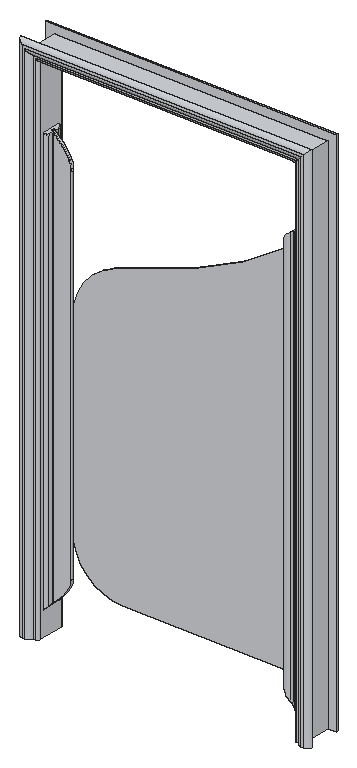
Revit family "Kingsway Shower Doorset_v3.0 (29.07.23)", category Doors, host Wall, Revit 2019
Family settings
  Host = Wall
  OmniClass Number = 23.30.10.00
  OmniClass Title = Doors
  Always vertical = Yes
  Cut with Voids When Loaded = No
  Shared = No
  Room Calculation Point = No
Parameters (values of type "1100 x 2100")
  Wall Thickness [instance] = 125 mm
  Vision Panel = "None."
  Version = "3.0 (29.07.23)"
  URL = "https://www.kingswaygroupglobal.com/products/doorsets/"
  Thickness = 10 mm  # constant formula
  Telephone = "01322 610 470"
  Rough Width = Width  # 1100 mm
  Rough Height = Height  # 2100 mm
  Model = "Shower Doorset"
  Manufacturer = "Kingsway Group"
  Lipping Material = "None."
  Leaf Core Structure = "Rot proof door core for longevity and durability."
  Keynote = "L20"
  KGShowerDoorHinge = yes
  KGFlexibleCloserStrip = yes
  HeightOfSwingHinge = Height - 42 mm - 250 mm  # 1808 mm
  HeightOfCloserStrip = Door Leaf Height  # 1500 mm
  Hardware - Pull Handle_Fascia [instance] = none
  Hardware - Pull Handle [instance] = none
  Hardware - Hinge [instance] = none
  Hardware - Flexible Closer Strip [instance] = none
  Function = Interior
  Height = 2100 mm
  Wall Closure = Neither
  Width = 1100 mm
  Frame Thickness = 35 mm  # constant formula
  Frame Finish [instance] = none
  Fire Rating = "NFR"
  Email Address = "sales@kingswaygroup.co.uk"
  Durability = ""
  Door Leaf Width = Width - (Frame Thickness * 2) - 14 mm - 80 mm - 86 mm - 5 mm  # 845 mm
  Door Leaf Opened 3D [instance] = not(Door Leaf Closed 3D)  # no
  Door Leaf Height = 1500 mm  # constant formula
  Door Leaf Finish [instance] = none
  Door Leaf Closed 3D [instance] = yes
  Door - Leaf Finish Notes = "For full range of available finishes and colours, contact Kingsway Group."
  Description = "The next generation of anti-ligature en-suite doors - high impact moisture proof door leaf with double action full height hinge mechanism and anti-trap rubber fin to the frame closing side."
  Configuration = "Single Leaf"
  Clear Opening Width [instance] = 848.737 mm
  Bead Material = "None."
  Architrave Material = "Hardwood or softwood."
  Architrave Finish [instance] = none
  Analytic Construction = "<None>"
  Address = "Teardrop Centre, London Road, Swanley, Kent BR8 8TS"
  Action = "Double"
Reference planes
  plane 1 "Wall Centreline": y = 0
  plane 2 "Center (Left/Right)": x = 0
  plane 3 "Left": x = -550
  plane 4 "Right": x = 550
  plane 5: z = 2100
  plane 6 "Exterior": y = 62.5
  plane 7 "Interior": y = -62.5
  plane 8: x = -543
  plane 9: x = 543
  plane 10: x = -508
  plane 11: x = 508
  plane 12: z = 2058
  plane 13: z = 200
  plane 14: x = -417.406
  plane 15: z = 1700
  plane 16: y = 35
  plane 17: x = 461.79
Forms (mm)
  Sweep 1, solid, material <- "Frame Finish"
    path origin (0, 0, 0) x (1, 0, 0) y (0, 0, 1)
      loop
        line (-550, 0) -> (-550, 2100) -> (550, 2100) -> (550, 0)
    profile origin (-550, 0, 1050) x (-1, 0, 0) y (0, -1, 0)
      loop
        line (-42.001, 52.5) -> (-42.001, -52.5)
        arc (-42.001, -52.5) -> (-39.072, -59.571) -> (-32.001, -62.5) r 10
        line (-32.001, -62.5) -> (-7, -62.5) -> (-7, 62.5) -> (-32.001, 62.5)
        arc (-32.001, 62.5) -> (-39.072, 59.571) -> (-42.001, 52.5) r 10
  Sweep 2, solid, material <- "Architrave Finish"
    path in 3D
      loop
        line (-550, -62.5, 0) -> (-550, -62.5, 2100) -> (550, -62.5, 2100) -> (550, -62.5, 0)
    profile origin (-550, -62.5, 1050) x (0, -1, 0) y (1, 0, 0)
      loop
        line (0, 21.365) -> (0, -28)
        arc (0, -28) -> (10.811, -20.883) -> (15, -8.635) r 20
        line (15, -8.635) -> (15, 2)
        arc (15, 2) -> (10.811, 14.247) -> (0, 21.365) r 20
  Sweep 3, solid, material <- "Architrave Finish"
    path in 3D
      loop
        line (550, 62.5, 0) -> (550, 62.5, 2100) -> (-550, 62.5, 2100) -> (-550, 62.5, 0)
    profile origin (-550, 62.5, 1050) x (1, 0, 0) y (0, 1, 0)
      loop
        arc (21.365, 0) -> (14.247, 10.811) -> (2, 15) r 20
        line (2, 15) -> (-8.635, 15)
        arc (-8.635, 15) -> (-20.883, 10.811) -> (-28, 0) r 20
        line (-28, 0) -> (21.365, 0)
Lines and regions (mm)
  Opening 1
    outline origin (-3050, -62.5, 0) x (1, 0, 0) y (0, 0, 1)
      loop
        line (2500, 0) -> (3600, 0) -> (3600, 2100) -> (2500, 2100) -> (2500, 0)
  symbolic lines, style "Plan Swing"
    curve 1: line (-430.988, -393.907, 0) -> (427.594, -5, 0)
    curve 16: line (375.483, 999.331, 0) -> (427.594, 5, 0)
    curve 20: arc (-508, -62.5, 0) -> (-481.315, -230.95, 0) -> (-430.988, -393.907, 0) r 1198.38
    curve 22: arc (-508, 62.5, 0) -> (-229.063, 684.449, 0) -> (375.483, 999.331, 0) r 1038.129
  sketch lines
    curve 2: line (-550, -62.5, 0) -> (-550, -62.5, 2100)
    curve 3: line (-550, -62.5, 2100) -> (550, -62.5, 2100)
    curve 4: line (550, -62.5, 2100) -> (550, -62.5, 0)
    curve 5: line (-550, 62.5, 2100) -> (-550, 62.5, 0)
    curve 6: line (550, 62.5, 2100) -> (-550, 62.5, 2100)
    curve 7: line (550, 62.5, 0) -> (550, 62.5, 2100)
  symbolic lines, style "DoorsFrameMullionProjection"
    curve 8: line (-550, -62.5, 0) -> (-508, -62.5, 0)
    curve 9: line (-550, 62.5, 0) -> (-550, -62.5, 0)
    curve 10: line (-508, 62.5, 0) -> (-550, 62.5, 0)
    curve 11: line (-508, -62.5, 0) -> (-508, 62.5, 0)
    curve 12: line (508, -62.5, 0) -> (550, -62.5, 0)
    curve 13: line (508, 62.5, 0) -> (508, -62.5, 0)
    curve 14: line (550, 62.5, 0) -> (508, 62.5, 0)
    curve 15: line (550, -62.5, 0) -> (550, 62.5, 0)
  symbolic lines, style "Doors"
    curve 17: line (-508, -5, 0) -> (427.594, -5, 0)
    curve 18: line (-508, 5, 0) -> (-508, -5, 0)
    curve 19: line (427.594, 5, 0) -> (-508, 5, 0)
    curve 21: line (427.594, -5, 0) -> (427.594, 5, 0)
Text (mm)
  text "Exterior" at (-2295.016, 1099.543, 0), in view "Ref. Level"
  text "Exterior" at (0, 1615.38, 3698.081), in view "Left"
  text "Exterior" at (0, 1036.032, 3874.932), in view "Right"
Dimensions and locks
  equal spacing: plane 3 "Left", plane 2 "Center (Left/Right)", plane 4 "Right"
  "Width": plane 3 "Left" to plane 4 "Right"
  "Height": plane 5 to host wall
  host wall to plane 5 = 2100 mm
  locked: plane 6 "Exterior" to host wall at 0
  locked: plane 7 "Interior" to host wall
  locked: plane 3 "Left" to plane 8 at 7
  locked: plane 9 to plane 4 "Right" at 7
  "Frame Thickness": plane 8 to plane 10
  "Frame Thickness": plane 9 to plane 11
  "Wall Thickness": plane 7 "Interior" to plane 6 "Exterior"
  locked: plane 5 to plane 12 at 42
  locked: plane 13 to level at 200
  locked: plane 14 to plane 3 "Left" at 132.594
  "Door Leaf Height": plane 15 to plane 13
  locked: plane 16 to host wall at 35
  "Clear Opening Width": nested 1 to nested 4
  locked: plane 17 to plane 11 at 46.21
  locked: curve 16 to plane 6 "Exterior" (angle 87.00°)
  locked: plane 7 "Interior" to curve 1 (angle 24.3688°)
  aligned and locked: plane 3 "Left" to Opening 1 sketch curve
  aligned and locked: plane 5 to Opening 1 sketch curve  (x2)
  aligned and locked: Opening 1 sketch curve to plane 4 "Right"
  aligned and locked: Opening 1 sketch curve to level
  aligned and locked: plane 1 "Wall Centreline" to host wall
  aligned and locked: Sweep 1 sketch curve to plane 8
  aligned and locked: profile plane to Sweep 2 sketch curve
  aligned and locked: nested 1 to plane 10
  aligned and locked: host wall to nested 2
  aligned and locked: nested 3 to plane 16
  aligned and locked: curve 17 to nested 2
  aligned and locked: curve 19 to nested 2
  aligned and locked: plane 10 to curve 18
  aligned and locked: nested 2 to plane 13
  aligned and locked: nested 3 to plane 13
  aligned and locked: plane 11 to nested 4
  aligned and locked: plane 1 "Wall Centreline" to nested 4
  aligned and locked: Sweep 1 sketch curve to plane 6 "Exterior"
  aligned and locked: Sweep 1 sketch curve to plane 7 "Interior"
  aligned and locked: nested 3 to plane 17
  aligned and locked: curve 21 to nested 2
  aligned and locked: plane 13 to nested 4
  aligned and locked: plane 13 to nested 1
  aligned and locked: plane 11 to nested 5
  aligned and locked: plane 1 "Wall Centreline" to nested 5
Automatic sketch dimensions
  plane 3 "Left" to Sweep 1 sketch curve = 0 mm
  plane 4 "Right" to Sweep 1 sketch curve = 0 mm
  Sweep 1 sketch curve to level = 0 mm  (x2)
  Sweep 1 sketch curve to plane 5 = 0 mm
  profile plane to Sweep 2 sketch curve = 2 mm
  profile plane to Sweep 2 sketch curve = 5 mm  (x2)
  Sweep 2 sketch curve to profile plane = 8.635 mm
  Sweep 2 sketch curve to Sweep 2 sketch curve = 19.365 mm
  Sweep 2 sketch curve to Sweep 2 sketch curve = 0 mm  (x4)
  profile plane to Sweep 3 sketch curve = 2 mm
  Sweep 3 sketch curve to profile plane = 8.635 mm
  Sweep 3 sketch curve to Sweep 3 sketch curve = 19.365 mm  (x2)
  profile plane to Sweep 3 sketch curve = 5 mm  (x2)
  Sweep 3 sketch curve to Sweep 3 sketch curve = 0 mm  (x3)
  profile plane to Sweep 3 sketch curve = 0 mm
  Sweep 1 sketch curve to Sweep 1 sketch curve = 25.001 mm  (x2)
  Sweep 1 sketch curve to Sweep 1 sketch curve = 10 mm
  host wall to curve 9 = 0 mm
  curve 9 to plane 3 "Left" = 0 mm
  curve 8 to plane 10 = 0 mm
  curve 13 to host wall = 0 mm
  curve 13 to plane 11 = 0 mm
  curve 14 to plane 4 "Right" = 0 mm
  host wall to curve 12 = 0 mm
  curve 10 to host wall = 0 mm
  curve 1 to plane 14 = 13.582 mm
  plane 16 to curve 20 = 5.3 mm
  plane 9 to curve 22 = 16.805 mm
  curve 22 to host wall = 34.7 mm
Nested families
  nested 1: "KG - Flexible Closer Strip" at (-508, 0, 100), type "KG - Flexible Closer Strip"
  nested 2: "Shower" at (5.094, 0, 0), visible <- "Door Leaf Closed 3D", type "Shower"
    with Height 1500 mm, Door Leaf Thickness 10 mm
  nested 3: "Shower" at (461.79, 457.5, 0) x (0, -1, 0) z (0, 0, 1), visible <- "Door Leaf Opened 3D", type "Shower"
    with Height 1500 mm, Door Leaf Thickness 10 mm
  nested 4: "KG ShowerDoorHinge" at (508, 0, 200), type "KG ShowerDoorHinge"
  nested 5: "KG ShowerDoorHinge2D" at (508, 0, 0), type "KG ShowerDoorHinge2D"
Definition of nested family "KG - Flexible Closer Strip"
  Parameters (values of type "KG - Flexible Closer Strip")
    Stop Finish = none
    Model = "KG"
    Manufacturer = "Kingsway Group"
    Height = 1500 mm
    Finish = none
    Description = "Flexible Closer Strip"
    Assembly Code = ""
  Reference planes
    plane 1 "Center (Front/Back)": y = 0
    plane 2: z = 0
    plane 3 "Center (Left/Right)": x = 0
    plane 4: z = 1700
    plane 5: z = 145
    plane 6: z = 1555
    plane 7: z = 1600
    plane 8: z = 100
  Forms (mm)
    Extrusion 1, solid, material <- "Finish"
      sketch origin (0, 0, 0) x (1, 0, 0) y (0, 1, 0)
        loop
          arc (11, 23.5) -> (8.85, 31.454) -> (2.984, 37.241) r 15.786
          arc (2.984, 37.241) -> (2.509, 37.434) -> (2, 37.5) r 2
          line (2, 37.5) -> (0, 37.5) -> (0, -37.5) -> (2, -37.5)
          arc (2, -37.5) -> (2.509, -37.434) -> (2.984, -37.241) r 2
          arc (2.984, -37.241) -> (8.85, -31.454) -> (11, -23.5) r 15.786
          line (11, -23.5) -> (11, -6)
          arc (11, -6) -> (10.673, -5.293) -> (9.966, -5) r 1
          line (9.966, -5) -> (6, -5) -> (6, 5) -> (9.966, 5)
          arc (9.966, 5) -> (10.673, 5.293) -> (10.966, 6) r 1
          line (10.966, 6) -> (11, 23.5)
      from 0 to 1700
    Extrusion 2, solid, material <- "Stop Finish"
      sketch origin (0, 0, 0) x (1, 0, 0) y (0, 1, 0)
        loop
          line (6, 5) -> (6, -5) -> (81, -5)
          arc (81, -5) -> (86, 0) -> (81, 5) r 5
          line (81, 5) -> (6, 5)
      from 0 to 1700
    Extrusion 3, void
      sketch origin (0, 0, 0) x (1, 0, 0) y (0, 0, 1)
        loop
          line (0, 0) -> (100, 0) -> (100, 145) -> (86.134, 145)
          arc (86.134, 145) -> (77.971, 93.353) -> (49.497, 49.497) r 125.684
          line (49.497, 49.497) -> (0, 0)
        loop
          line (0, 1700) -> (49.497, 1650.503)
          arc (49.497, 1650.503) -> (77.971, 1606.647) -> (86.134, 1555) r 125.684
          line (86.134, 1555) -> (100, 1555) -> (100, 1700) -> (0, 1700)
      from -103.55 to 86.733
  Cuts and joins
    Extrusion 3 cuts Extrusion 1
    Extrusion 3 cuts Extrusion 2
  Dimensions and locks
    "Height": plane 7 to plane 8
    locked: plane 5 to plane 2 at 145
    locked: plane 4 to plane 6 at 145
    locked: plane 4 to plane 7 at 100
    locked: plane 8 to plane 2 at 100
    aligned and locked: level to plane 2
    aligned and locked: plane 4 to Extrusion 1
    aligned and locked: plane 4 to Extrusion 2
    aligned and locked: Extrusion 3 sketch curve to plane 6
    aligned and locked: plane 4 to Extrusion 3 sketch curve
    aligned and locked: Extrusion 3 sketch curve to level
    aligned and locked: Extrusion 3 sketch curve to plane 5
  Automatic sketch dimensions
    Extrusion 3 sketch curve to plane 3 "Center (Left/Right)" = 0 mm  (x2)
    Extrusion 3 sketch curve to plane 6 = 6.631 mm
    Extrusion 3 sketch curve to plane 3 "Center (Left/Right)" = 39.374 mm  (x2)
    Extrusion 3 sketch curve to plane 5 = 6.631 mm
    plane 3 "Center (Left/Right)" to Extrusion 3 sketch curve = 49.497 mm  (x2)
    plane 3 "Center (Left/Right)" to Extrusion 3 sketch curve = 86.134 mm  (x2)
    Extrusion 3 sketch curve to Extrusion 3 sketch curve = 50.503 mm
    Extrusion 3 sketch curve to Extrusion 3 sketch curve = 13.866 mm
    plane 3 "Center (Left/Right)" to Extrusion 2 sketch curve = 6 mm
    plane 1 "Center (Front/Back)" to Extrusion 2 sketch curve = 5 mm
    plane 1 "Center (Front/Back)" to Extrusion 2 sketch curve = 0 mm
    Extrusion 2 sketch curve to Extrusion 2 sketch curve = 75 mm
    Extrusion 1 sketch curve to plane 3 "Center (Left/Right)" = 0 mm
    Extrusion 1 sketch curve to plane 3 "Center (Left/Right)" = 4.786 mm  (x2)
    plane 3 "Center (Left/Right)" to Extrusion 1 sketch curve = 2 mm  (x2)
    plane 3 "Center (Left/Right)" to Extrusion 1 sketch curve = 6 mm
    Extrusion 1 sketch curve to Extrusion 1 sketch curve = 3.966 mm  (x2)
    plane 3 "Center (Left/Right)" to Extrusion 1 sketch curve = 11 mm  (x2)
    plane 1 "Center (Front/Back)" to Extrusion 1 sketch curve = 37.5 mm
    Extrusion 1 sketch curve to Extrusion 1 sketch curve = 2 mm  (x2)
    Extrusion 1 sketch curve to Extrusion 1 sketch curve = 12 mm  (x2)
    plane 1 "Center (Front/Back)" to Extrusion 1 sketch curve = 6 mm
    Extrusion 1 sketch curve to plane 1 "Center (Front/Back)" = 5 mm
    Extrusion 1 sketch curve to Extrusion 1 sketch curve = 1 mm
    Extrusion 1 sketch curve to Extrusion 1 sketch curve = 17.5 mm
    Extrusion 1 sketch curve to Extrusion 1 sketch curve = 0 mm  (x9)
    Extrusion 1 sketch curve to Extrusion 1 sketch curve = 0.034 mm  (x2)
Definition of nested family "Shower"
  Parameters (values of type "Shower")
    Width = 845 mm
    Model = ""
    Manufacturer = "Kingsway Group"
    Hardware - Pull Handle_Fascia = none
    Hardware - Pull Handle = none
    Height = 1558 mm
    Hardware - Hinge = none
    Door Leaf Thickness = 5 mm
    Door - Leaf = none
    Description = ""
    Assembly Code = ""
  Reference planes
    plane 1 "Center (Front/Back)": y = 0
    plane 2: z = 0
    plane 3 "Center (Left/Right)": x = 0
    plane 4: y = -2.5
    plane 5: z = 1758
    plane 6: x = 422.5
    plane 7: x = -422.5
    plane 8: y = 2.5
    plane 9: z = 200
  Forms (mm)
    Extrusion 1, solid, material <- "Door - Leaf"
      sketch origin (0, 0, 0) x (1, 0, 0) y (0, 0, 1)
        loop
          line (-222.5, 200) -> (422.5, 200) -> (422.5, 1758)
          arc (422.5, 1758) -> (257.954, 1652.076) -> (81.019, 1568.475) r 1500
          line (81.019, 1568.475) -> (-258.005, 1445.08)
          arc (-258.005, 1445.08) -> (-377.288, 1353.551) -> (-422.5, 1210.157) r 250
          line (-422.5, 1210.157) -> (-422.5, 400)
          arc (-422.5, 400) -> (-363.921, 258.579) -> (-222.5, 200) r 200
      from -2.5 to 2.5
  Dimensions and locks
    "Height": plane 5 to plane 9
    "Width": plane 7 to plane 6
    equal spacing: plane 7, plane 3 "Center (Left/Right)", plane 6
    plane 9 to plane 2 = 200 mm
    equal spacing: plane 8, plane 1 "Center (Front/Back)", plane 4
    "Door Leaf Thickness": plane 8 to plane 4
    radius of Extrusion 1 sketch curve = 200 mm
    radius of Extrusion 1 sketch curve = 250 mm
    radius of Extrusion 1 sketch curve = 1500 mm
    locked: plane 5 to Extrusion 1 sketch curve (angle 20.00°)
    aligned and locked: level to plane 2
    aligned and locked: plane 4 to Extrusion 1
    aligned and locked: plane 8 to Extrusion 1
    aligned and locked: plane 6 to Extrusion 1
    aligned and locked: plane 7 to Extrusion 1
    aligned and locked: Extrusion 1 to plane 9
    aligned and locked: plane 5 to Extrusion 1 sketch curve
  Automatic sketch dimensions
    plane 7 to Extrusion 1 sketch curve = 0 mm
    Extrusion 1 sketch curve to plane 6 = 0 mm
    Extrusion 1 sketch curve to plane 9 = 0 mm
    plane 3 "Center (Left/Right)" to Extrusion 1 sketch curve = 81.019 mm
    plane 7 to Extrusion 1 sketch curve = 47.464 mm
    Extrusion 1 sketch curve to plane 7 = 164.495 mm
Definition of nested family "KG ShowerDoorHinge"
  Parameters (values of type "KG ShowerDoorHinge")
    Model = "KG ShowerDoorHinge"
    Manufacturer = "Kingsway Group"
    Height = 1500 mm
    Finish = none
    Description = "ShowerDoorHinge"
    Assembly Code = ""
  Reference planes
    plane 1 "Center (Front/Back)": y = 0
    plane 2: z = 0
    plane 3 "Center (Left/Right)": x = 0
    plane 4: z = 1500
    plane 5: x = -46.21
    plane 6: z = 1600
    plane 7: z = -100
  Forms (mm)
    Extrusion 1, void
      sketch origin (0, 0, 0) x (1, 0, 0) y (0, 0, 1)
        loop
          arc (-81.263, 1500.151) -> (-58.38, 1564.52) -> (0, 1600) r 101.975
          line (0, 1600) -> (-81.263, 1600) -> (-81.263, 1500.151)
        loop
          line (-81.263, -100) -> (0, -100)
          arc (0, -100) -> (-58.38, -64.52) -> (-81.263, -0.151) r 101.975
          line (-81.263, -0.151) -> (-81.263, -100)
      from -56.386 to 62.7
    Extrusion 2, solid, material <- "Finish"
      sketch origin (0, 0, 0) x (1, 0, 0) y (0, 1, 0)
        loop
          arc (-39.269, 34.359) -> (-81.263, 0) -> (-39.269, -34.359) r 35.053
          arc (-39.269, -34.359) -> (-32.46, -34.421) -> (-25.838, -36.011) r 30.149
          line (-25.838, -36.011) -> (-23.767, -36.764)
          arc (-23.767, -36.764) -> (-18.561, -39.207) -> (-13.877, -42.541) r 32
          line (-13.877, -42.541) -> (-8.23, -47.382)
          arc (-8.23, -47.382) -> (-5.191, -49.168) -> (-1.722, -49.789) r 10
          line (-1.722, -49.789) -> (0, -49.789) -> (0, 49.789) -> (-1.722, 49.789)
          arc (-1.722, 49.789) -> (-5.191, 49.168) -> (-8.23, 47.382) r 10
          line (-8.23, 47.382) -> (-13.877, 42.541)
          arc (-13.877, 42.541) -> (-18.561, 39.207) -> (-23.767, 36.764) r 32
          line (-23.767, 36.764) -> (-25.838, 36.011)
          arc (-25.838, 36.011) -> (-32.46, 34.421) -> (-39.269, 34.359) r 30.149
      from -100 to 1600
  Cuts and joins
    Extrusion 1 cuts Extrusion 2
  Lines and regions (mm)
    Masking region 1
      outline origin (0, 0, 0) x (1, 0, 0) y (0, 0, 1)
        loop
          line (-81.263, 1500.151) -> (0, 1500.151) -> (0, 1600)
          arc (0, 1600) -> (-58.38, 1564.52) -> (-81.263, 1500.151) r 101.975
    Masking region 2
      outline origin (0, 0, 0) x (1, 0, 0) y (0, 0, 1)
        loop
          line (0, -100) -> (0, -0.151) -> (-81.263, -0.151)
          arc (-81.263, -0.151) -> (-58.38, -64.52) -> (0, -100) r 101.975
    Masking region 3
      outline origin (0, 0, 0) x (0, 1, 0) y (0, 0, 1)
        loop
          line (49.789, 1500) -> (49.789, 1600) -> (-49.789, 1600) -> (-49.789, 1500) -> (49.789, 1500)
    Masking region 4
      outline origin (0, 0, 0) x (0, 1, 0) y (0, 0, 1)
        loop
          line (49.789, -100) -> (49.789, 0) -> (-49.789, 0) -> (-49.789, -100) -> (49.789, -100)
    symbolic lines
      curve 1: line (-81.263, 0, 0) -> (-39.269, 34.359, 0)
      curve 2: arc (-39.269, 34.359, 0) -> (-32.46, 34.421, 0) -> (-25.838, 36.011, 0) r 30.149
      curve 3: line (-25.838, 36.011, 0) -> (-23.767, 36.764, 0)
      curve 4: arc (-23.767, 36.764, 0) -> (-18.561, 39.207, 0) -> (-13.877, 42.541, 0) r 32
      curve 5: line (-13.877, 42.541, 0) -> (-8.23, 47.382, 0)
      curve 6: spline (-8.23, 47.382, 0) -> (-7.769, 47.754, 0) -> (-7.288, 48.097, 0) -> (-6.787, 48.411, 0) -> (-6.269, 48.695, 0) -> (-5.736, 48.948, 0) -> (-5.189, 49.169, 0) -> (-4.63, 49.357, 0) -> (-4.06, 49.512, 0) -> (-3.482, 49.633, 0) -> (-2.898, 49.72, 0) -> (-2.309, 49.772, 0) -> (-1.718, 49.789, 0)
      curve 7: line (-1.718, 49.789, 0) -> (0, 49.789, 0)
      curve 8: line (0, 49.789, 0) -> (0, -49.789, 0)
      curve 9: line (0, -49.789, 0) -> (-1.731, -49.789, 0)
      curve 10: spline (-1.731, -49.789, 0) -> (-2.321, -49.771, 0) -> (-2.91, -49.718, 0) -> (-3.493, -49.631, 0) -> (-4.07, -49.51, 0) -> (-4.638, -49.355, 0) -> (-5.197, -49.166, 0) -> (-5.743, -48.946, 0) -> (-6.275, -48.693, 0) -> (-6.791, -48.409, 0) -> (-7.29, -48.096, 0) -> (-7.77, -47.753, 0) -> (-8.23, -47.382, 0)
      curve 11: line (-8.23, -47.382, 0) -> (-13.877, -42.541, 0)
      curve 12: arc (-13.877, -42.541, 0) -> (-18.561, -39.207, 0) -> (-23.767, -36.764, 0) r 32
      curve 13: line (-23.767, -36.764, 0) -> (-25.838, -36.011, 0)
      curve 14: arc (-25.838, -36.011, 0) -> (-32.46, -34.421, 0) -> (-39.269, -34.359, 0) r 30.149
      curve 15: line (-39.269, -34.359, 0) -> (-81.263, 0, 0)
  Dimensions and locks
    "Height": plane 4 to level
    locked: plane 6 to plane 4 at 100
    locked: plane 2 to plane 7 at 100
    aligned and locked: level to plane 2
    aligned and locked: plane 6 to Extrusion 2
    aligned and locked: Extrusion 2 to plane 7
    aligned and locked: Extrusion 1 sketch curve to plane 6
    aligned and locked: Extrusion 1 sketch curve to plane 7
    aligned and locked: Masking region 1 sketch curve to cut or joined group of Extrusion 1, Extrusion 2
    aligned and locked: Masking region 1 sketch curve to plane 3 "Center (Left/Right)"
    aligned and locked: Masking region 2 sketch curve to cut or joined group of Extrusion 1, Extrusion 2
    aligned and locked: Masking region 2 sketch curve to plane 3 "Center (Left/Right)"
    aligned and locked: plane 4 to Masking region 3 sketch curve
    aligned and locked: Masking region 3 sketch curve to cut or joined group of Extrusion 1, Extrusion 2  (x3)
    aligned and locked: plane 7 to Masking region 4 sketch curve
    aligned and locked: plane 2 to Masking region 4 sketch curve
    aligned and locked: cut or joined group of Extrusion 1, Extrusion 2 to Masking region 4 sketch curve
    aligned and locked: Masking region 4 sketch curve to cut or joined group of Extrusion 1, Extrusion 2
  Automatic sketch dimensions
    plane 1 "Center (Front/Back)" to Extrusion 2 sketch curve = 0 mm
    Extrusion 2 sketch curve to plane 5 = 0 mm
    Extrusion 2 sketch curve to plane 3 "Center (Left/Right)" = 0 mm
    plane 5 to Extrusion 2 sketch curve = 10.069 mm  (x2)
    Extrusion 2 sketch curve to Extrusion 2 sketch curve = 1.439 mm  (x2)
    plane 5 to Extrusion 2 sketch curve = 20.372 mm  (x2)
    Extrusion 2 sketch curve to Extrusion 2 sketch curve = 2.071 mm  (x2)
    Extrusion 2 sketch curve to Extrusion 2 sketch curve = 9.89 mm  (x2)
    Extrusion 2 sketch curve to Extrusion 2 sketch curve = 5.647 mm  (x2)
    Extrusion 2 sketch curve to plane 3 "Center (Left/Right)" = 1.722 mm  (x2)
    plane 1 "Center (Front/Back)" to Extrusion 2 sketch curve = 36.011 mm
    Extrusion 2 sketch curve to Extrusion 2 sketch curve = 0.753 mm  (x2)
    Extrusion 2 sketch curve to Extrusion 2 sketch curve = 3.025 mm  (x2)
    Extrusion 2 sketch curve to Extrusion 2 sketch curve = 5.777 mm  (x2)
    Extrusion 2 sketch curve to Extrusion 2 sketch curve = 4.84 mm  (x2)
    Extrusion 2 sketch curve to Extrusion 2 sketch curve = 2.493 mm  (x2)
    Extrusion 2 sketch curve to plane 1 "Center (Front/Back)" = 36.011 mm
    plane 5 to Extrusion 2 sketch curve = 6.941 mm
    Extrusion 1 sketch curve to plane 5 = 35.053 mm
    plane 4 to Extrusion 1 sketch curve = 0.151 mm
    plane 3 "Center (Left/Right)" to Extrusion 1 sketch curve = 20.711 mm  (x2)
    Extrusion 1 sketch curve to level = 0.151 mm
    Extrusion 1 sketch curve to Extrusion 1 sketch curve = 0 mm
    Extrusion 1 sketch curve to plane 3 "Center (Left/Right)" = 0 mm  (x2)
    plane 1 "Center (Front/Back)" to curve 1 = 0 mm
    curve 7 to plane 3 "Center (Left/Right)" = 0 mm
    curve 9 to curve 8 = 1.731 mm
    curve 7 to plane 3 "Center (Left/Right)" = 1.718 mm
    curve 11 to curve 9 = 6.499 mm
    curve 5 to curve 7 = 6.512 mm
    curve 11 to curve 10 = 5.647 mm
    curve 5 to curve 6 = 5.647 mm
    curve 13 to curve 11 = 9.89 mm
    curve 3 to curve 5 = 9.89 mm
    curve 3 to curve 4 = 2.071 mm
    curve 13 to curve 12 = 2.071 mm
    plane 5 to curve 4 = 11.508 mm
    plane 5 to curve 12 = 11.508 mm
    curve 2 to curve 4 = 1.439 mm
    curve 14 to curve 12 = 1.439 mm
    plane 5 to curve 15 = 6.941 mm
    plane 5 to curve 1 = 6.941 mm
    curve 15 to plane 5 = 35.053 mm
    plane 1 "Center (Front/Back)" to curve 15 = 34.359 mm
    curve 13 to curve 14 = 1.652 mm
    curve 13 to curve 13 = 0.753 mm
    curve 11 to curve 13 = 5.777 mm
    curve 11 to curve 11 = 4.84 mm
    curve 9 to curve 10 = 2.407 mm
    curve 1 to plane 1 "Center (Front/Back)" = 34.359 mm
    curve 1 to curve 3 = 1.652 mm
    curve 3 to curve 3 = 0.753 mm
    curve 3 to curve 5 = 5.777 mm
    curve 4 to curve 5 = 4.84 mm
    curve 6 to curve 7 = 2.407 mm
    curve 7 to curve 7 = 0 mm
    curve 10 to plane 3 "Center (Left/Right)" = 1.506 mm
    curve 6 to plane 3 "Center (Left/Right)" = 1.533 mm
    curve 6 to curve 7 = 3.275 mm
    curve 10 to curve 10 = 2.747 mm
Definition of nested family "KG ShowerDoorHinge2D"
  Reference planes
    plane 1 "Center (Front/Back)": y = 0
    plane 2: z = 0
    plane 3 "Center (Left/Right)": x = 0
  Lines and regions (mm)
    symbolic lines
      curve 1: line (-81.263, 0, 0) -> (-39.269, 34.359, 0)
      curve 2: arc (-39.269, 34.359, 0) -> (-32.46, 34.421, 0) -> (-25.838, 36.011, 0) r 30.149
      curve 3: line (-25.838, 36.011, 0) -> (-23.767, 36.764, 0)
      curve 4: arc (-23.767, 36.764, 0) -> (-18.561, 39.207, 0) -> (-13.877, 42.541, 0) r 32
      curve 5: line (-13.877, 42.541, 0) -> (-8.23, 47.382, 0)
      curve 6: spline (-8.23, 47.382, 0) -> (-7.769, 47.754, 0) -> (-7.288, 48.097, 0) -> (-6.787, 48.411, 0) -> (-6.269, 48.695, 0) -> (-5.736, 48.948, 0) -> (-5.189, 49.169, 0) -> (-4.63, 49.357, 0) -> (-4.06, 49.512, 0) -> (-3.482, 49.633, 0) -> (-2.898, 49.72, 0) -> (-2.309, 49.772, 0) -> (-1.718, 49.789, 0)
      curve 7: line (-1.718, 49.789, 0) -> (0, 49.789, 0)
      curve 8: line (0, 49.789, 0) -> (0, -49.789, 0)
      curve 9: line (0, -49.789, 0) -> (-1.731, -49.789, 0)
      curve 10: spline (-1.731, -49.789, 0) -> (-2.322, -49.771, 0) -> (-2.91, -49.718, 0) -> (-3.494, -49.631, 0) -> (-4.071, -49.51, 0) -> (-4.64, -49.354, 0) -> (-5.198, -49.166, 0) -> (-5.744, -48.945, 0) -> (-6.277, -48.692, 0) -> (-6.793, -48.408, 0) -> (-7.292, -48.094, 0) -> (-7.773, -47.751, 0) -> (-8.232, -47.38, 0)
      curve 11: line (-8.232, -47.38, 0) -> (-13.877, -42.541, 0)
      curve 12: arc (-13.877, -42.541, 0) -> (-18.561, -39.207, 0) -> (-23.767, -36.764, 0) r 32
      curve 13: line (-23.767, -36.764, 0) -> (-25.838, -36.011, 0)
      curve 14: arc (-25.838, -36.011, 0) -> (-32.46, -34.421, 0) -> (-39.269, -34.359, 0) r 30.149
      curve 15: line (-39.269, -34.359, 0) -> (-81.263, 0, 0)
  Dimensions and locks
    aligned and locked: level to plane 2
